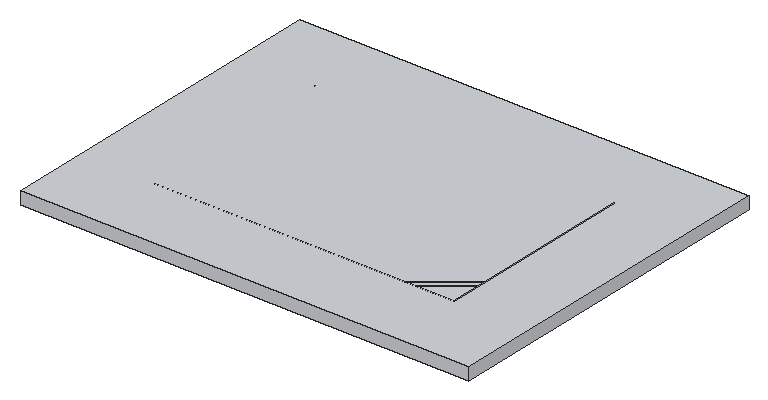
Revit family "d6ea71124a2745e9b4b38e0b70a06967", category Air Terminals, host Face, Revit 2021
Family settings
  Host = Face
  Round Connector Dimension = Use Diameter
  Part Type = Normal
  OmniClass Number = 23.75.70.21.27.11
  OmniClass Title = Diffusers, Registers, and Grilles
  Seek Item ID = Return Grille with Trim - Ceiling Mounted-0000-USA-ENU
  Cut with Voids When Loaded = No
  Shared = No
  Room Calculation Point = No
Parameters (values of type "9"x7" Face 6"x4" Neck")
  n = Half Duct Width / 0' 0 3/4"  # 4
  m = Half Duct Height / 0' 1"  # 2
  Pressure Drop [instance] = 0.236 in-wg
  Half Duct Width = Duct Width / 2  # 3"
  Half Duct Height = Duct Height / 2  # 2"
  Grille Material = none
  Flow [instance] = 280 CFM
  Duct Width = 6"
  Duct Height = 4"
  Default Elevation = 4' - 0"
Types (8): name | n | m | Half Duct Width | Half Duct Height | Flow | Duct Width | Duct Height
  (no name) | 4 | 2 | 3" | 2" | 280 CFM | 6" | 4"
  9"x7" Face 6"x4" Neck | 4 | 2 | 3" | 2" | 280 CFM | 6" | 4"
  11"x9" Face 8"x6" Neck | 5 | 3 | 4" | 3" | 378 CFM | 8" | 6"
  13"x9" Face 10"x6" Neck | 7 | 3 | 5" | 3" | 490 CFM | 10" | 6"
  15"x15" Face 12"x12" Neck | 8 | 6 | 6" | 6" | 1260 CFM | 12" | 12"
  27"x15" Face 24"x12" Neck | 16 | 6 | 12" | 6" | 2590 CFM | 24" | 12"
  27" x 27"Face24" x 24"Neck | 16 | 12 | 12" | 12" | 5036 CFM | 24" | 24"
  51"x27" Face 48"x24" Neck | 32 | 12 | 24" | 12" | 10766 CFM | 48" | 24"
Reference planes (in)
  plane 1 "Center (Front/Back)": y = 0
  plane 2: z = 0
  plane 3 "Center (Left/Right)": x = 0
  plane 4: x = 3
  plane 5: x = -3
  plane 6: y = -2
  plane 7: y = 2
  plane 8: x = 4.5
  plane 9: x = -4.5
  plane 10: y = 3.5
  plane 11: y = -3.5
  plane 12: z = -0.75
  plane 13: z = 0.25
  plane 14: x = -0.75
  plane 15: x = 0.75
  plane 16: y = 1
  plane 17: y = -1
Forms (in)
  Extrusion 1, solid, material <- "Grille Material"
    sketch origin (0, 0, 0) x (1, 0, 0) y (0, 1, 0)
      loop
        line (-4.5, 3.5) -> (-4.5, -3.5) -> (4.5, -3.5) -> (4.5, 3.5) -> (-4.5, 3.5)
    from 0 to 0.25
  Extrusion 2, solid, material <- "Grille Material"
    sketch origin (0, 0, 0) x (1, 0, 0) y (0, 1, 0)
      loop
        line (-3, 2) -> (-3, -2) -> (3, -2) -> (3, 2) -> (-3, 2)
    from 0.25 to -0.75
Lines and regions (in)
  model lines
    curve 1: line (-3, 2, 0) -> (3, 2, 0)
    curve 2: line (-3, -2, 0) -> (-3, 2, 0)
    curve 3: line (3, -2, 0) -> (-3, -2, 0)
    curve 4: line (3, 2, 0) -> (3, -2, 0)
  symbolic lines, detail levels fine
    curve 5: line (-3, 2, 0) -> (3, 2, 0)
    curve 6: line (-3, -2, 0) -> (-3, 2, 0)
    curve 7: line (3, -2, 0) -> (-3, -2, 0)
    curve 8: line (3, 2, 0) -> (3, -2, 0)
Dimensions and locks (in)
  "Duct Width": plane 5 to plane 4
  locked: plane 4 to plane 8 at 1.5
  locked: plane 9 to plane 5 at 1.5
  locked: plane 10 to plane 7 at 1.5
  locked: plane 11 to plane 6 at 1.5
  "Duct Height": plane 7 to plane 6
  "Half Duct Height": plane 7 to plane 1 "Center (Front/Back)"
  "Half Duct Height": plane 6 to plane 1 "Center (Front/Back)"
  "Half Duct Width": plane 5 to plane 3 "Center (Left/Right)"
  "Half Duct Width": plane 3 "Center (Left/Right)" to plane 4
  locked: plane 12 to plane 2 at 0.75
  locked: plane 13 to plane 2 at 0.25  (x2)
  locked: plane 14 to plane 3 "Center (Left/Right)" at 0.75
  locked: plane 3 "Center (Left/Right)" to plane 15 at 0.75
  locked: plane 1 "Center (Front/Back)" to plane 16 at 1
  locked: plane 17 to plane 1 "Center (Front/Back)" at 1
  equal spacing: group 1, group 2, group 3, group 4  (x3)
  equal spacing: group 7, group 6, group 5, group 1
  equal spacing: group 1, group 5, group 6, group 7  (x2)
  group 8 to group 9 = 0' - 0"  (x2)
  group 8 to group 9 = 0' - 1"
  group 8 to group 10 = 0' - 0"  (x2)
  group 10 to group 8 = 0' - 1"
  aligned and locked: plane 2 to host face
  aligned and locked: level to host face
  aligned and locked: plane 9 to Extrusion 1 sketch curve
  aligned and locked: Extrusion 1 sketch curve to plane 10
  aligned and locked: plane 11 to Extrusion 1 sketch curve
  aligned and locked: Extrusion 1 sketch curve to plane 8
  aligned and locked: Extrusion 1 to plane 2
  aligned and locked: plane 13 to Extrusion 1
  aligned and locked: plane 5 to Extrusion 2 sketch curve
  aligned and locked: Extrusion 2 sketch curve to plane 7
  aligned and locked: plane 6 to Extrusion 2 sketch curve
  aligned and locked: Extrusion 2 sketch curve to plane 4
  aligned and locked: Extrusion 2 to plane 12
  aligned and locked: Extrusion 1 to Extrusion 2
  aligned and locked: plane 1 "Center (Front/Back)" to nested 1
  aligned and locked: plane 13 to nested 2
  aligned and locked: plane 3 "Center (Left/Right)" to nested 2
  aligned and locked: curve 1 to Extrusion 2  (x2)
  aligned and locked: Extrusion 2 to curve 4
  aligned and locked: curve 4 to Extrusion 2
Automatic sketch dimensions
  host sketch curve to host sketch curve = 8' - 0"  (x2)
Nested families (in)
  nested 1: "Ceiling Return Air Grille with Trim_Landscape Orientation Array" at (0, 0, 0), type "Standard"
  nested 2: "Ceiling Return Air Grille with Trim_Portrait Array" at (0, 0, 0), type "Standard"
  nested 3: "Ceiling Return Air Grille with Trim_Portrait Array" at (0.75, 0, 0), type "Standard"
  nested 4: "Ceiling Return Air Grille with Trim_Portrait Array" at (1.5, 0, 0), type "Standard"
  nested 5: "Ceiling Return Air Grille with Trim_Portrait Array" at (2.25, 0, 0), type "Standard"
  nested 6: "Ceiling Return Air Grille with Trim_Portrait Array" at (-0.75, 0, 0), type "Standard"
  nested 7: "Ceiling Return Air Grille with Trim_Portrait Array" at (-1.5, 0, 0), type "Standard"
  nested 8: "Ceiling Return Air Grille with Trim_Portrait Array" at (-2.25, 0, 0), type "Standard"
  nested 9: "Ceiling Return Air Grille with Trim_Landscape Orientation Array" at (0, 1, 0), type "Standard"
  nested 10: "Ceiling Return Air Grille with Trim_Landscape Orientation Array" at (0, -1, 0), type "Standard"
Connectors (in)
  hvac at (0, 0, -0.75), driven by "Flow", driven by "Duct Height", driven by "Duct Width", driven by "Pressure Drop"
    settings: on Extrusion 2, index 1, duct flow 280 CFM, flow factor 0, pres drop 0.236 in-wg, loss coef 0, conn angle 0.00°, conn width 6", conn height 4", conn diameter 24", duct sys type 2, conn prof type 1, flow config 1, flow direction 2, loss method 4, conn ref index -1, conn util no, is conn primary yes, conn desc ""
Definition of nested family "Ceiling Return Air Grille with Trim_Landscape Orientation Array"
  Parameters
    Half Duct Width = Duct Width / 2  # 0' - 3"
    Duct Width = 0' - 6"
    Default Elevation = 4' - 0"
    Assembly Code = ""
  Reference planes (in)
    plane 1 "Center (Front/Back)": y = 0
    plane 2: z = 0
    plane 3 "Center (Left/Right)": x = 0
    plane 4: x = -3
    plane 5: x = 3
    plane 6: z = 0.25
  Forms (in)
    Extrusion 1, solid
      sketch origin (0, 0, 0) x (1, 0, 0) y (0, 1, 0)
        loop
          line (-48, 48) -> (-48, -48) -> (48, -48) -> (48, 48) -> (-48, 48)
      from 0 to -12
  Lines and regions (in)
    model lines
      curve 1: line (-3, 0, 0.25) -> (3, 0, 0.25)
  Dimensions and locks (in)
    "Duct Width": plane 4 to plane 5
    "Half Duct Width": plane 4 to plane 3 "Center (Left/Right)"
    "Half Duct Width": plane 3 "Center (Left/Right)" to plane 5
    locked: plane 6 to plane 2 at 0.25
    aligned and locked: plane 2 to Extrusion 1
    aligned and locked: level to Extrusion 1
    aligned and locked: curve 1 to plane 6
    aligned and locked: plane 5 to curve 1
    aligned and locked: plane 4 to curve 1
    aligned and locked: plane 1 "Center (Front/Back)" to curve 1
  Automatic sketch dimensions
    Extrusion 1 sketch curve to Extrusion 1 sketch curve = 8' - 0"  (x2)
Definition of nested family "Ceiling Return Air Grille with Trim_Portrait Array"
  Parameters
    Half Duct Height = Duct Height / 2  # 0' - 2"
    Duct Height = 0' - 4"
    Default Elevation = 4' - 0"
    Assembly Code = ""
  Reference planes (in)
    plane 1 "Center (Front/Back)": y = 0
    plane 2: z = 0
    plane 3 "Center (Left/Right)": x = 0
    plane 4: y = 2
    plane 5: y = -2
    plane 6: z = 0.25
  Forms (in)
    Extrusion 1, solid
      sketch origin (0, 0, 0) x (1, 0, 0) y (0, 1, 0)
        loop
          line (-48, 48) -> (-48, -48) -> (48, -48) -> (48, 48) -> (-48, 48)
      from 0 to -12
  Lines and regions (in)
    model lines
      curve 1: line (0, 2, 0.25) -> (0, -2, 0.25)
  Dimensions and locks (in)
    "Half Duct Height": plane 4 to plane 1 "Center (Front/Back)"
    "Duct Height": plane 4 to plane 5
    "Half Duct Height": plane 5 to plane 1 "Center (Front/Back)"
    locked: plane 6 to plane 2 at 0.25
    aligned and locked: plane 2 to Extrusion 1
    aligned and locked: level to Extrusion 1
    aligned and locked: plane 4 to curve 1
    aligned and locked: plane 6 to curve 1
    aligned and locked: curve 1 to plane 3 "Center (Left/Right)"
  Automatic sketch dimensions
    curve 1 to plane 5 = 0' - 0"
    Extrusion 1 sketch curve to Extrusion 1 sketch curve = 8' - 0"  (x2)
